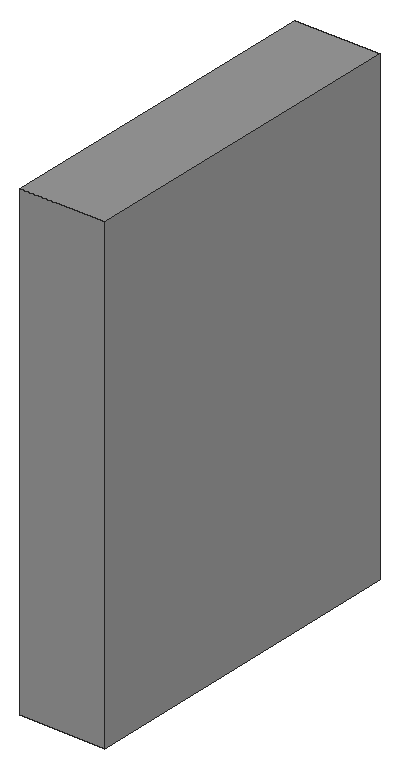
Revit family "PRE050019-FR", category Accessoire de canalisation, Revit 2017
Family settings
  Cote de connecteur circulaire = Utiliser le diamètre
  Type d'élément = Normal
  Basée sur le plan de construction = Non
  Toujours verticalement = Oui
  Couper avec des vides une fois chargée = Non
  Partagée = Non
Parameters (values of type "55450 PRESTO ROBINET SENSAO 6000 SUR PLAGE SECTEUR")
  Variantes = "55450-55451"
  LC = 22.5 mm
  Garantie = "3"
  URL Fabricant = "http://www.prestodatashare.com/centretelechargement/index.php?lang=FR&refs=55450"
  URL = "http://www.prestodatashare.com/centretelechargement/index.php?lang=FR&refs=55450"
  Lien notice d'utilisation = "http://www.prestodatashare.com/centretelechargement/support.php?lang=FR&ref=55450"
  Lien fiche produit = "http://www.prestodatashare.com/espacedoc/Fiches_Techniques/FR/55450.pdf"
  Reference = "55450"
  Pression = "1 à 5 bars"
  Polantis code = "PRE050019-FR"
  Perte de charge = 0.0 Pa
  Profondeur = 182 mm
  Modèle = "55450 PRESTO ROBINET SENSAO 6000 SUR PLAGE SECTEUR"
  Matériau = Laiton poli chromé
  Lien CCTP = "http://www.prestodatashare.com/centretelechargement/index.php?lang=FR&refs=55450"
  Largeur = 45 mm
  PC = 22.5 mm
  Hauteur = 250 mm
  Fonction = "Pression d'utilisation recommandée :\r\n- 1 à 5 bars\r\n\r\nDébit :\r\n- 8 l/mn par limiteur de débit intégré\r\n- Aérateur anti-tartre haute qualité\r\n- Dispositif anti-coup de bélier\r\n\r\nAlimentation hydraulique :\r\n- Mâle G 1/2'' (15x21) en eau froide, chaude ou prémitigée\r\n\r\nAlimentation électrique :\r\n- Avec transformateur 230 Vac / 7 Vdc dans boîtier étanche IP65\r\n\r\nMatière et couleur de finition :\r\n- Corps et bec en laiton chromé\r\n- Bec fixe\r\n\r\nRésistance thermique :\r\n- Résiste à une température de 75°C durant 30 minutes dans le cadre de chocs thermiques\r\n\r\nSécurité :\r\n- Fermeture automatique de l'électrovanne en cas d'écoulement > à 30s ou de dégradation du détecteur\r\n\r\nLivré avec :\r\n- 1 Ecrou de fixation\r\n- 1 Joint et rondelle\r\n- 1 Capillaire, électrovanne 1/2'' (15x21)\r\n- 1 Robinet d'arrêt droit + filtre\r\n- 1 Autocollant de signalisation\r\n\r\nNormes / Agréments :\r\n- Laiton conforme aux normes NF EN1982, EN12164, NF EN12165\r\n- Résistant au brouillard salin 200 H (essai NSS) conformément à la norme NF ISO 9227"
  Flux = 0.133333 L/s
  Finition = "Corps et Bec en laiton chromé"
  Fabricant = "LES ROBINETS PRESTO S.A."
  Diamètre Nominal = 15 mm
  Description = "Robinet simple sur plage à détection (CE) sur plage. De type Presto SENSAO® réf. 55450 ou techniquement équivalent. Avec cellule optoélectronique, alimentation secteur par transformateur 230/7 Volt déporté dans boîtier étanche IP65. Limitation de la température maximale par butée réglable, régulateur de débit intégré (8 l/min).Système antiblocage interdisant l'écoulement en continu. Avec  robinet d’arrêt filtre."
  Debit = "8 l/min par limiteur de débit intégré\r\r\nBrise-jet laminaire\r\r\nDispositif anti-coup de bélier"
  Raccordement = "Mâle G 1/2\" (15x21)"
  Adresse = "7, RUE RACINE - 92542 MONTROUGE CEDEX FRANCE"
Types (2, lengths in mm): name | URL Fabricant | URL | Lien notice d'utilisation | Lien fiche produit | Reference | Polantis code | Modèle | Lien CCTP | Fonction | Description
  55451 PRESTO ROBINET SENSAO 6000 SUR PLAGE PILE | "http://www.prestodatashare.com/centretelechargement/index.php?lang=FR&refs=55451" | "http://www.prestodatashare.com/centretelechargement/index.php?lang=FR&refs=55451" | "http://www.prestodatashare.com/centretelechargement/support.php?lang=FR&ref=55451" | "http://www.prestodatashare.com/espacedoc/Fiches_Techniques/FR/55451.pdf" | "55451" | "PRE050019a-FR" | "55451 PRESTO ROBINET SENSAO 6000 SUR PLAGE PILE" | "http://www.prestodatashare.com/centretelechargement/index.php?lang=FR&refs=55451" | "Pression d'utilisation recommandée :\r\n- 1 à 5 bars\r\n\r\nDébit :\r\n- 8 l/mn par limiteur de débit intégré\r\n- Aérateur anti-tartre haute qualité\r\n- Dispositif anti-coup de bélier\r\n\r\nAlimentation hydraulique :\r\n- Mâle G 1/2'' (15x21) en eau froide, chaude ou prémitigée\r\n\r\nAlimentation électrique :\r\n- Pile lithium 6 volts type CRP2 dans boîtier déporté\r\n\r\nMatière et couleur de finition :\r\n- Corps et bec en laiton chromé\r\n- Bec fixe\r\n\r\nRésistance thermique :\r\n- Résiste à une température de 75°C durant 30 minutes dans le cadre de chocs thermiques\r\n\r\nSécurité :\r\n- Fermeture automatique de l'électrovanne en cas d'écoulement > à 30s d'usure de la pile ou de dégradation du détecteur\r\n\r\nLivré avec :\r\n- 1 Ecrou de fixation\r\n- 1 Joint et rondelle\r\n- 1 Capillaire, électrovanne 1/2'' (15x21)\r\n- 1 Robinet d'arrêt droit + filtre\r\n- 1 Autocollant de signalisation\r\n\r\nNormes / Agréments :\r\n- Laiton conforme aux normes NF EN1982, EN12164, NF EN12165\r\n- Résistant au brouillard salin 200 H (essai NSS) conformément à la norme NF ISO 9227" | "Robinet simple sur plage à détection (CE) sur plage. De type Presto SENSAO® réf. 55451 ou techniquement équivalent. Avec cellule optoélectronique, alimentation par pile lithium 6 V dans boîtier déporté IP 65. Limitation de la température maximale par butée réglable, régulateur de débit intégré (8 l/min).Système antiblocage interdisant l'écoulement en continu. Avec  robinet d’arrêt filtre."
  55450 PRESTO ROBINET SENSAO 6000 SUR PLAGE SECTEUR | "http://www.prestodatashare.com/centretelechargement/index.php?lang=FR&refs=55450" | "http://www.prestodatashare.com/centretelechargement/index.php?lang=FR&refs=55450" | "http://www.prestodatashare.com/centretelechargement/support.php?lang=FR&ref=55450" | "http://www.prestodatashare.com/espacedoc/Fiches_Techniques/FR/55450.pdf" | "55450" | "PRE050019-FR" | "55450 PRESTO ROBINET SENSAO 6000 SUR PLAGE SECTEUR" | "http://www.prestodatashare.com/centretelechargement/index.php?lang=FR&refs=55450" | "Pression d'utilisation recommandée :\r\n- 1 à 5 bars\r\n\r\nDébit :\r\n- 8 l/mn par limiteur de débit intégré\r\n- Aérateur anti-tartre haute qualité\r\n- Dispositif anti-coup de bélier\r\n\r\nAlimentation hydraulique :\r\n- Mâle G 1/2'' (15x21) en eau froide, chaude ou prémitigée\r\n\r\nAlimentation électrique :\r\n- Avec transformateur 230 Vac / 7 Vdc dans boîtier étanche IP65\r\n\r\nMatière et couleur de finition :\r\n- Corps et bec en laiton chromé\r\n- Bec fixe\r\n\r\nRésistance thermique :\r\n- Résiste à une température de 75°C durant 30 minutes dans le cadre de chocs thermiques\r\n\r\nSécurité :\r\n- Fermeture automatique de l'électrovanne en cas d'écoulement > à 30s ou de dégradation du détecteur\r\n\r\nLivré avec :\r\n- 1 Ecrou de fixation\r\n- 1 Joint et rondelle\r\n- 1 Capillaire, électrovanne 1/2'' (15x21)\r\n- 1 Robinet d'arrêt droit + filtre\r\n- 1 Autocollant de signalisation\r\n\r\nNormes / Agréments :\r\n- Laiton conforme aux normes NF EN1982, EN12164, NF EN12165\r\n- Résistant au brouillard salin 200 H (essai NSS) conformément à la norme NF ISO 9227" | "Robinet simple sur plage à détection (CE) sur plage. De type Presto SENSAO® réf. 55450 ou techniquement équivalent. Avec cellule optoélectronique, alimentation secteur par transformateur 230/7 Volt déporté dans boîtier étanche IP65. Limitation de la température maximale par butée réglable, régulateur de débit intégré (8 l/min).Système antiblocage interdisant l'écoulement en continu. Avec  robinet d’arrêt filtre."
Reference planes
  plane 1 "Centre (avant/arrière)": y = 0
  plane 2: z = 0
  plane 3 "Centre (gauche/droite)": x = 0
  plane 4: y = -182
  plane 5: x = 45
  plane 6: z = 250
  plane 7: x = 22.5
  plane 8: z = 1
  plane 9: y = -22.5
  plane 10: x = 22.5
Forms (mm)
  Extrusion 1, solid, material "Laiton poli chromé" <- "Matériau", detail levels fine
    sketch origin (0, 0, 0) x (1, 0, 0) y (0, 1, 0)
      loop
        line (0, 0) -> (0, -182) -> (45, -182) -> (45, 0) -> (0, 0)
    from 0 to 250
  Extrusion 2, solid, material "Laiton poli chromé" <- "Matériau", detail levels fine
    sketch origin (0, 0, 0) x (1, 0, 0) y (0, 1, 0)
      loop
        circle (22.5, -22.5) r 5
    from 0 to 1
Cuts and joins
  joined: Extrusion 1, Extrusion 2
Dimensions and locks
  "Profondeur": plane 1 "Centre (avant/arrière)" to plane 4
  "Largeur": plane 3 "Centre (gauche/droite)" to plane 5
  "Hauteur": plane 6 to level
  equal spacing: plane 3 "Centre (gauche/droite)", plane 7, plane 5
  locked: plane 8 to plane 2 at 1
  "PC": plane 1 "Centre (avant/arrière)" to plane 9
  "LC": plane 3 "Centre (gauche/droite)" to plane 10
  aligned and locked: level to plane 2
  aligned and locked: plane 1 "Centre (avant/arrière)" to Extrusion 1 sketch curve
  aligned and locked: plane 3 "Centre (gauche/droite)" to Extrusion 1 sketch curve
  aligned and locked: plane 4 to Extrusion 1 sketch curve
  aligned and locked: plane 5 to Extrusion 1 sketch curve
  aligned and locked: plane 6 to Extrusion 1
  aligned and locked: plane 8 to Extrusion 2
  aligned and locked: nested 2 to plane 5
  aligned and locked: nested 2 to plane 4
Automatic sketch dimensions
  Extrusion 2 sketch curve to plane 9 = 0 mm
  Extrusion 2 sketch curve to plane 10 = 0 mm
  radius of Extrusion 2 sketch curve = 5 mm
Nested families
  nested 1: "SymboliqueA6" at (0, -22.5, 0) x (0, 1, 0) z (0, 0, 1), type "SymboliqueA6", detail levels coarse+medium
  nested 2: "S2DA6" at (45, -91, 0) x (0, 1, 0) z (0, 0, 1), type "S2DA6", detail levels coarse+medium
Connectors
  piping at (22.5, -22.5, 0), diameter 15, driven by "Diamètre Nominal", driven by "Flux", driven by "Perte de charge"
    settings: on Extrusion 2, index 3, connector inside diameter 609.6 mm, connector length 0 mm, flow factor 0, pipe flow 0.133333 L/s, pressure drop 0.0 Pa, fitting loss kfactor 0, connector angle 0.00°, fixture units 0, engagement length 0 mm, angle of deflection 0.00°, flow configuration 0, flow direction 1, fitting loss method 4, system type 22, joint type 0, gender type 0, connector reference index -1, connector utility 0, adjustable connector no, is connector primary yes, connector description ""
Definition of nested family "SymboliqueA6"
  Parameters (values of type "SymboliqueA6")
    V = yes
    P = 1000 mm
    L = 1000 mm
    H = 1000 mm
  Reference planes
    plane 1 "Centre (avant/arrière)": y = 0
    plane 2: z = 0
    plane 3 "Centre (gauche/droite)": x = 0
    plane 4: y = -1000
    plane 5: x = -500
    plane 6: x = 500
    plane 7: z = 1000
    plane 8: z = 500
    plane 9: y = -500
  Lines and regions (mm)
    model lines
      curve 1: line (0, -1000, 1000) -> (0, 0, 0)
      curve 2: line (0, 0, 0) -> (0, -1000, 0)
      curve 3: line (0, -1000, 0) -> (0, 0, 1000)
      curve 4: line (0, 0, 1000) -> (0, -1000, 1000)
  Dimensions and locks
    "H": plane 7 to plane 2
    equal spacing: plane 5, plane 3 "Centre (gauche/droite)", plane 6
    "L": plane 5 to plane 6
    equal spacing: plane 7, plane 8, level
    equal spacing: plane 4, plane 9, plane 1 "Centre (avant/arrière)"
    "P": plane 1 "Centre (avant/arrière)" to plane 4
    aligned and locked: level to plane 2
  Automatic sketch dimensions
    curve 3 to level = 0 mm
    curve 1 to plane 1 "Centre (avant/arrière)" = 0 mm
    curve 1 to plane 7 = 0 mm
    curve 3 to plane 4 = 0 mm
    curve 3 to plane 1 "Centre (avant/arrière)" = 0 mm
    curve 4 to plane 4 = 0 mm
Definition of nested family "S2DA6"
  Parameters (values of type "S2DA6")
    P = 788.322 mm
    L = 1600 mm
    H = 1250.021 mm
  Reference planes
    plane 1 "Centre (avant/arrière)": y = 0
    plane 2: z = 0
    plane 3 "Centre (gauche/droite)": x = 0
    plane 4: y = 788.322
    plane 5: x = -800
    plane 6: x = 800
    plane 7: y = 394.161
    plane 8: z = 1250.021
    plane 9: z = 625.01
  Lines and regions (mm)
    symbolic lines
      curve 1: line (-800, 788.322, 0) -> (800, 0, 0)
      curve 2: line (800, 0, 0) -> (800, 788.322, 0)
      curve 3: line (800, 788.322, 0) -> (-800, 0, 0)
      curve 4: line (-800, 0, 0) -> (-800, 788.322, 0)
      curve 5: line (800, 0, 1250.021) -> (-800, 0, 1250.021)
      curve 6: line (-800, 0, 1250.021) -> (800, 0, 0)
      curve 7: line (800, 0, 0) -> (-800, 0, 0)
      curve 8: line (800, 0, 1250.021) -> (-800, 0, 0)
      curve 9: line (0, 788.322, 0) -> (0, 0, 1250.021)
      curve 10: line (0, 0, 1250.021) -> (0, 788.322, 1250.021)
      curve 11: line (0, 788.322, 1250.021) -> (0, 0, 0)
      curve 12: line (0, 0, 0) -> (0, 788.322, 0)
  Dimensions and locks
    equal spacing: plane 5, plane 3 "Centre (gauche/droite)", plane 6
    equal spacing: plane 1 "Centre (avant/arrière)", plane 7, plane 4
    "P": plane 1 "Centre (avant/arrière)" to plane 4
    "L": plane 5 to plane 6
    equal spacing: plane 8, plane 9, level
    "H": plane 8 to plane 2
    aligned and locked: level to plane 2
  Automatic sketch dimensions
    plane 1 "Centre (avant/arrière)" to curve 3 = 0 mm
    curve 1 to plane 4 = 0 mm
    curve 3 to plane 4 = 0 mm
    plane 1 "Centre (avant/arrière)" to curve 2 = 0 mm
    curve 3 to plane 6 = 0 mm
    curve 4 to plane 5 = 0 mm
    curve 10 to plane 1 "Centre (avant/arrière)" = 0 mm
    curve 10 to plane 8 = 0 mm
    curve 11 to plane 4 = 0 mm
    curve 12 to level = 0 mm
    curve 12 to plane 1 "Centre (avant/arrière)" = 0 mm
    curve 12 to plane 4 = 0 mm
    plane 5 to curve 5 = 0 mm
    curve 8 to level = 0 mm
    plane 5 to curve 8 = 0 mm
    plane 6 to curve 7 = 0 mm
    plane 6 to curve 8 = 0 mm
    curve 6 to plane 8 = 0 mm
